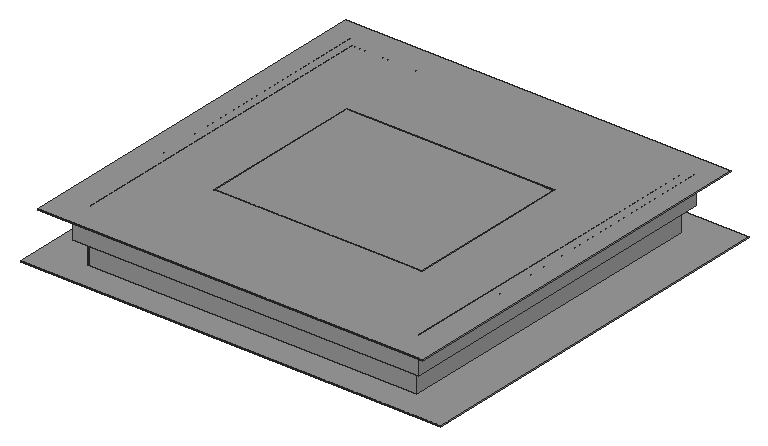
Revit family "Unterflur-Gerätedose UGD 350-3 6", category Generic Models, Revit 2017
Family settings
  Can host rebar = No
  Round Connector Dimension = Use Diameter
  Part Type = Normal
  Work Plane-Based = No
  Always vertical = Yes
  Cut with Voids When Loaded = No
  Shared = No
  Room Calculation Point = No
Parameters (values of type "UGD 350-3 6")
  URL = "http://www.obo-bettermann.com"
  Material = Strip galvanised
  Manufacturer Art.No. = "7410108"
  Manufacturer = "OBO BETTERMANN"
  GTIN = "4012195431770"
  Article Type = "UGD 350-3 6"
Reference planes
  plane 1 "Center (Front/Back)": y = 0
  plane 2: z = 0
  plane 3 "Center (Left/Right)": x = 0
  plane 4: z = 1
  plane 5: x = 255
  plane 6: y = 233.5
  plane 7: y = 433.5
  plane 8: y = 33.5
  plane 9: x = 455
  plane 10: x = 55
  plane 11: z = 64
  plane 12: x = 255
  plane 13: y = 233.5
  plane 14: y = 443.5
  plane 15: y = 23.5
  plane 16: x = 465
  plane 17: x = 45
  plane 18: z = 29
  plane 19: x = 21.5
  plane 20: x = 488.5
  plane 21: z = 65
  plane 22: y = 334
  plane 23: y = 133
  plane 24: x = 381.5
  plane 25: x = 128.5
Forms (mm)
  Extrusion 1, solid, material "Strip galvanised"
    sketch origin (0, 0, 0) x (1, 0, 0) y (0, 1, 0)
      loop
        line (0, 0) -> (510, 0) -> (510, 467) -> (0, 467) -> (0, 0)
    from 0 to 1
  Extrusion 2, solid, material "Strip galvanised" <- "Material"
    sketch origin (0, 0, 0) x (1, 0, 0) y (0, 1, 0)
      loop
        line (55, 433.5) -> (55, 33.5) -> (455, 33.5) -> (455, 433.5) -> (55, 433.5)
      loop
        line (56, 432.5) -> (56, 34.5) -> (454, 34.5) -> (454, 432.5) -> (56, 432.5)
    from 1 to 64
  Extrusion 3, solid, material "Strip galvanised" <- "Material"
    sketch origin (0, 0, 0) x (1, 0, 0) y (0, 1, 0)
      loop
        line (45, 443.5) -> (45, 23.5) -> (465, 23.5) -> (465, 443.5) -> (45, 443.5)
      loop
        line (46, 442.5) -> (46, 24.5) -> (464, 24.5) -> (464, 442.5) -> (46, 442.5)
    from 29 to 64
  Extrusion 4, solid, material "Strip galvanised" <- "Material"
    sketch origin (0, 0, 0) x (1, 0, 0) y (0, 1, 0)
      loop
        line (21.5, 467) -> (21.5, 0) -> (488.5, 0) -> (488.5, 467) -> (21.5, 467)
    from 64 to 65
  Extrusion 5, void
    sketch origin (0, 0, 0) x (1, 0, 0) y (0, 1, 0)
      loop
        line (154.5, 334) -> (128.5, 334) -> (128.5, 133) -> (154.5, 133) -> (355.5, 133) -> (381.5, 133) -> (381.5, 334) -> (355.5, 334) -> (154.5, 334)
      loop
        line (129.5, 333) -> (129.5, 134) -> (154.5, 134) -> (355.5, 134) -> (380.5, 134) -> (380.5, 333) -> (355.5, 333) -> (154.5, 333) -> (129.5, 333)
    from 64 to 65
Cuts and joins
  Extrusion 5 cuts Extrusion 1
  Extrusion 5 cuts Extrusion 4
Dimensions and locks
  locked: Extrusion 1 sketch curve to Extrusion 1 sketch curve at 467
  locked: Extrusion 1 sketch curve to Extrusion 1 sketch curve at 510
  locked: Extrusion 1 to plane 4 at 1
  locked: Extrusion 1 to plane 6 at 233.5
  locked: Extrusion 1 to plane 5 at 255
  locked: Extrusion 2 sketch curve to Extrusion 2 sketch curve at 400  (x2)
  locked: Extrusion 2 sketch curve to Extrusion 2 sketch curve at 398  (x2)
  locked: Extrusion 1 to plane 13 at 233.5
  locked: Extrusion 1 to plane 12 at 255
  locked: plane 14 to plane 13 at 210
  locked: plane 13 to plane 15 at 210
  locked: plane 17 to plane 12 at 210
  locked: plane 12 to plane 16 at 210
  locked: Extrusion 3 sketch curve to Extrusion 3 sketch curve at 420  (x2)
  locked: Extrusion 3 sketch curve to Extrusion 3 sketch curve at 418  (x2)
  locked: plane 18 to Extrusion 3 at 35
  plane 19 to plane 12 = 233.5 mm
  locked: plane 12 to plane 20 at 233.5
  locked: Extrusion 1 to Extrusion 1 at 467
  locked: Extrusion 4 sketch curve to Extrusion 4 sketch curve at 467
  locked: plane 22 to plane 13 at 100.5
  locked: plane 13 to plane 23 at 100.5
  locked: plane 12 to plane 24 at 126.5
  locked: plane 25 to plane 12 at 126.5
  locked: cut or joined group of Extrusion 4, Extrusion 5 to cut or joined group of Extrusion 4, Extrusion 5 at 201
  locked: Extrusion 5 sketch curve to Extrusion 5 sketch curve at 253
  locked: Extrusion 5 sketch curve to Extrusion 5 sketch curve at 251
  aligned and locked: level to plane 2
  aligned and locked: Extrusion 1 to plane 4
  aligned and locked: plane 11 to Extrusion 2
  aligned and locked: Extrusion 2 to Extrusion 1
  aligned and locked: Extrusion 3 to plane 18
  aligned and locked: Extrusion 4 to Extrusion 2
  aligned and locked: Extrusion 4 to plane 21
  aligned and locked: Extrusion 5 to Extrusion 2
  aligned and locked: Extrusion 5 to plane 21
Automatic sketch dimensions
  plane 1 "Center (Front/Back)" to Extrusion 1 sketch curve = 0 mm
  Extrusion 1 sketch curve to plane 3 "Center (Left/Right)" = 0 mm
  Extrusion 2 sketch curve to plane 8 = 0 mm
  Extrusion 2 sketch curve to plane 10 = 0 mm
  plane 10 to Extrusion 2 sketch curve = 1 mm
  plane 8 to Extrusion 2 sketch curve = 1 mm
  Extrusion 3 sketch curve to plane 15 = 0 mm
  Extrusion 3 sketch curve to plane 17 = 0 mm
  plane 17 to Extrusion 3 sketch curve = 1 mm
  plane 15 to Extrusion 3 sketch curve = 1 mm
  plane 1 "Center (Front/Back)" to Extrusion 4 sketch curve = 0 mm
  Extrusion 4 sketch curve to plane 19 = 0 mm
  plane 13 to Extrusion 4 sketch curve = 233.5 mm
  Extrusion 5 sketch curve to plane 22 = 0 mm
  plane 23 to Extrusion 5 sketch curve = 0 mm
  Extrusion 5 sketch curve to plane 24 = 0 mm
  Extrusion 5 sketch curve to Extrusion 5 sketch curve = 25 mm  (x2)
  Extrusion 5 sketch curve to Extrusion 5 sketch curve = 0 mm  (x4)
  Extrusion 5 sketch curve to plane 24 = 26 mm  (x2)
  Extrusion 5 sketch curve to plane 22 = 1 mm
  Extrusion 5 sketch curve to plane 24 = 1 mm
  Extrusion 5 sketch curve to plane 23 = 1 mm
